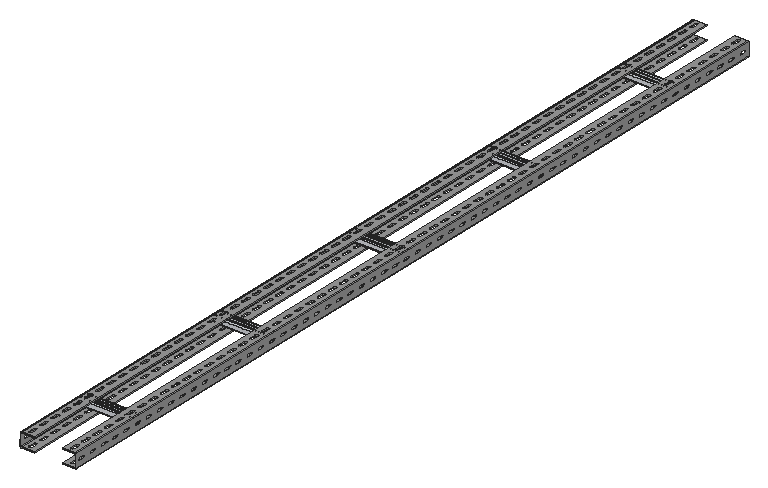
Revit family "steigeleiter_2_FT_FTSO_FTK_A2_A4.200rfa", category Generic Models, Revit 2017 (continued)
Forms (mm)
  Extrusion 306, void
    sketch origin (0, 200, 0) x (1, 0, 0) y (0, 1, 0)
      loop
        arc (69.5, 15.5) -> (75, 10) -> (80.5, 15.5) r 5.5
        line (80.5, 15.5) -> (80.5, 34.5)
        arc (80.5, 34.5) -> (75, 40) -> (69.5, 34.5) r 5.5
        line (69.5, 34.5) -> (69.5, 15.5)
    from 0 to 250
  Extrusion 307, void
    sketch origin (0, 250, 0) x (1, 0, 0) y (0, 1, 0)
      loop
        arc (69.5, 15.5) -> (75, 10) -> (80.5, 15.5) r 5.5
        line (80.5, 15.5) -> (80.5, 34.5)
        arc (80.5, 34.5) -> (75, 40) -> (69.5, 34.5) r 5.5
        line (69.5, 34.5) -> (69.5, 15.5)
    from 0 to 250
  Extrusion 308, void
    sketch origin (0, 300, 0) x (1, 0, 0) y (0, 1, 0)
      loop
        arc (69.5, 15.5) -> (75, 10) -> (80.5, 15.5) r 5.5
        line (80.5, 15.5) -> (80.5, 34.5)
        arc (80.5, 34.5) -> (75, 40) -> (69.5, 34.5) r 5.5
        line (69.5, 34.5) -> (69.5, 15.5)
    from 0 to 250
  Extrusion 309, void
    sketch origin (0, 350, 0) x (1, 0, 0) y (0, 1, 0)
      loop
        arc (69.5, 15.5) -> (75, 10) -> (80.5, 15.5) r 5.5
        line (80.5, 15.5) -> (80.5, 34.5)
        arc (80.5, 34.5) -> (75, 40) -> (69.5, 34.5) r 5.5
        line (69.5, 34.5) -> (69.5, 15.5)
    from 0 to 250
  Extrusion 310, void
    sketch origin (0, 400, 0) x (1, 0, 0) y (0, 1, 0)
      loop
        arc (69.5, 15.5) -> (75, 10) -> (80.5, 15.5) r 5.5
        line (80.5, 15.5) -> (80.5, 34.5)
        arc (80.5, 34.5) -> (75, 40) -> (69.5, 34.5) r 5.5
        line (69.5, 34.5) -> (69.5, 15.5)
    from 0 to 250
  Extrusion 311, void
    sketch origin (0, 450, 0) x (1, 0, 0) y (0, 1, 0)
      loop
        arc (69.5, 15.5) -> (75, 10) -> (80.5, 15.5) r 5.5
        line (80.5, 15.5) -> (80.5, 34.5)
        arc (80.5, 34.5) -> (75, 40) -> (69.5, 34.5) r 5.5
        line (69.5, 34.5) -> (69.5, 15.5)
    from 0 to 250
  Extrusion 312, void
    sketch origin (0, 500, 0) x (1, 0, 0) y (0, 1, 0)
      loop
        arc (69.5, 15.5) -> (75, 10) -> (80.5, 15.5) r 5.5
        line (80.5, 15.5) -> (80.5, 34.5)
        arc (80.5, 34.5) -> (75, 40) -> (69.5, 34.5) r 5.5
        line (69.5, 34.5) -> (69.5, 15.5)
    from 0 to 250
  Extrusion 313, void
    sketch origin (0, 550, 0) x (1, 0, 0) y (0, 1, 0)
      loop
        arc (69.5, 15.5) -> (75, 10) -> (80.5, 15.5) r 5.5
        line (80.5, 15.5) -> (80.5, 34.5)
        arc (80.5, 34.5) -> (75, 40) -> (69.5, 34.5) r 5.5
        line (69.5, 34.5) -> (69.5, 15.5)
    from 0 to 250
  Extrusion 314, void
    sketch origin (0, 600, 0) x (1, 0, 0) y (0, 1, 0)
      loop
        arc (69.5, 15.5) -> (75, 10) -> (80.5, 15.5) r 5.5
        line (80.5, 15.5) -> (80.5, 34.5)
        arc (80.5, 34.5) -> (75, 40) -> (69.5, 34.5) r 5.5
        line (69.5, 34.5) -> (69.5, 15.5)
    from 0 to 250
  Extrusion 315, void
    sketch origin (0, 650, 0) x (1, 0, 0) y (0, 1, 0)
      loop
        arc (69.5, 15.5) -> (75, 10) -> (80.5, 15.5) r 5.5
        line (80.5, 15.5) -> (80.5, 34.5)
        arc (80.5, 34.5) -> (75, 40) -> (69.5, 34.5) r 5.5
        line (69.5, 34.5) -> (69.5, 15.5)
    from 0 to 250
  Extrusion 316, void
    sketch origin (0, 700, 0) x (1, 0, 0) y (0, 1, 0)
      loop
        arc (69.5, 15.5) -> (75, 10) -> (80.5, 15.5) r 5.5
        line (80.5, 15.5) -> (80.5, 34.5)
        arc (80.5, 34.5) -> (75, 40) -> (69.5, 34.5) r 5.5
        line (69.5, 34.5) -> (69.5, 15.5)
    from 0 to 250
  Extrusion 317, void
    sketch origin (0, 750, 0) x (1, 0, 0) y (0, 1, 0)
      loop
        arc (69.5, 15.5) -> (75, 10) -> (80.5, 15.5) r 5.5
        line (80.5, 15.5) -> (80.5, 34.5)
        arc (80.5, 34.5) -> (75, 40) -> (69.5, 34.5) r 5.5
        line (69.5, 34.5) -> (69.5, 15.5)
    from 0 to 250
  Extrusion 318, void
    sketch origin (0, 800, 0) x (1, 0, 0) y (0, 1, 0)
      loop
        arc (69.5, 15.5) -> (75, 10) -> (80.5, 15.5) r 5.5
        line (80.5, 15.5) -> (80.5, 34.5)
        arc (80.5, 34.5) -> (75, 40) -> (69.5, 34.5) r 5.5
        line (69.5, 34.5) -> (69.5, 15.5)
    from 0 to 250
  Extrusion 319, void
    sketch origin (0, 850, 0) x (1, 0, 0) y (0, 1, 0)
      loop
        arc (69.5, 15.5) -> (75, 10) -> (80.5, 15.5) r 5.5
        line (80.5, 15.5) -> (80.5, 34.5)
        arc (80.5, 34.5) -> (75, 40) -> (69.5, 34.5) r 5.5
        line (69.5, 34.5) -> (69.5, 15.5)
    from 0 to 250
  Extrusion 320, void
    sketch origin (0, 900, 0) x (1, 0, 0) y (0, 1, 0)
      loop
        arc (69.5, 15.5) -> (75, 10) -> (80.5, 15.5) r 5.5
        line (80.5, 15.5) -> (80.5, 34.5)
        arc (80.5, 34.5) -> (75, 40) -> (69.5, 34.5) r 5.5
        line (69.5, 34.5) -> (69.5, 15.5)
    from 0 to 250
  Extrusion 321, void
    sketch origin (0, 950, 0) x (1, 0, 0) y (0, 1, 0)
      loop
        arc (69.5, 15.5) -> (75, 10) -> (80.5, 15.5) r 5.5
        line (80.5, 15.5) -> (80.5, 34.5)
        arc (80.5, 34.5) -> (75, 40) -> (69.5, 34.5) r 5.5
        line (69.5, 34.5) -> (69.5, 15.5)
    from 0 to 250
  Extrusion 322, void
    sketch origin (0, 1000, 0) x (1, 0, 0) y (0, 1, 0)
      loop
        arc (69.5, 15.5) -> (75, 10) -> (80.5, 15.5) r 5.5
        line (80.5, 15.5) -> (80.5, 34.5)
        arc (80.5, 34.5) -> (75, 40) -> (69.5, 34.5) r 5.5
        line (69.5, 34.5) -> (69.5, 15.5)
    from 0 to 250
  Extrusion 323, void
    sketch origin (0, 1050, 0) x (1, 0, 0) y (0, 1, 0)
      loop
        arc (69.5, 15.5) -> (75, 10) -> (80.5, 15.5) r 5.5
        line (80.5, 15.5) -> (80.5, 34.5)
        arc (80.5, 34.5) -> (75, 40) -> (69.5, 34.5) r 5.5
        line (69.5, 34.5) -> (69.5, 15.5)
    from 0 to 250
  Extrusion 324, void
    sketch origin (0, 1100, 0) x (1, 0, 0) y (0, 1, 0)
      loop
        arc (69.5, 15.5) -> (75, 10) -> (80.5, 15.5) r 5.5
        line (80.5, 15.5) -> (80.5, 34.5)
        arc (80.5, 34.5) -> (75, 40) -> (69.5, 34.5) r 5.5
        line (69.5, 34.5) -> (69.5, 15.5)
    from 0 to 250
  Extrusion 325, void
    sketch origin (0, 1150, 0) x (1, 0, 0) y (0, 1, 0)
      loop
        arc (69.5, 15.5) -> (75, 10) -> (80.5, 15.5) r 5.5
        line (80.5, 15.5) -> (80.5, 34.5)
        arc (80.5, 34.5) -> (75, 40) -> (69.5, 34.5) r 5.5
        line (69.5, 34.5) -> (69.5, 15.5)
    from 0 to 250
  Extrusion 326, void
    sketch origin (0, 1200, 0) x (1, 0, 0) y (0, 1, 0)
      loop
        arc (69.5, 15.5) -> (75, 10) -> (80.5, 15.5) r 5.5
        line (80.5, 15.5) -> (80.5, 34.5)
        arc (80.5, 34.5) -> (75, 40) -> (69.5, 34.5) r 5.5
        line (69.5, 34.5) -> (69.5, 15.5)
    from 0 to 250
  Extrusion 327, void
    sketch origin (0, 1250, 0) x (1, 0, 0) y (0, 1, 0)
      loop
        arc (69.5, 15.5) -> (75, 10) -> (80.5, 15.5) r 5.5
        line (80.5, 15.5) -> (80.5, 34.5)
        arc (80.5, 34.5) -> (75, 40) -> (69.5, 34.5) r 5.5
        line (69.5, 34.5) -> (69.5, 15.5)
    from 0 to 250
  Extrusion 328, void
    sketch origin (0, 1300, 0) x (1, 0, 0) y (0, 1, 0)
      loop
        arc (69.5, 15.5) -> (75, 10) -> (80.5, 15.5) r 5.5
        line (80.5, 15.5) -> (80.5, 34.5)
        arc (80.5, 34.5) -> (75, 40) -> (69.5, 34.5) r 5.5
        line (69.5, 34.5) -> (69.5, 15.5)
    from 0 to 250
  Extrusion 329, void
    sketch origin (0, 1350, 0) x (1, 0, 0) y (0, 1, 0)
      loop
        arc (69.5, 15.5) -> (75, 10) -> (80.5, 15.5) r 5.5
        line (80.5, 15.5) -> (80.5, 34.5)
        arc (80.5, 34.5) -> (75, 40) -> (69.5, 34.5) r 5.5
        line (69.5, 34.5) -> (69.5, 15.5)
    from 0 to 250
  Extrusion 330, void
    sketch origin (0, 1400, 0) x (1, 0, 0) y (0, 1, 0)
      loop
        arc (69.5, 15.5) -> (75, 10) -> (80.5, 15.5) r 5.5
        line (80.5, 15.5) -> (80.5, 34.5)
        arc (80.5, 34.5) -> (75, 40) -> (69.5, 34.5) r 5.5
        line (69.5, 34.5) -> (69.5, 15.5)
    from 0 to 250
  Extrusion 331, void
    sketch origin (0, 1450, 0) x (1, 0, 0) y (0, 1, 0)
      loop
        arc (69.5, 15.5) -> (75, 10) -> (80.5, 15.5) r 5.5
        line (80.5, 15.5) -> (80.5, 34.5)
        arc (80.5, 34.5) -> (75, 40) -> (69.5, 34.5) r 5.5
        line (69.5, 34.5) -> (69.5, 15.5)
    from 0 to 250
  Extrusion 332, void
    sketch origin (0, 1500, 0) x (1, 0, 0) y (0, 1, 0)
      loop
        arc (69.5, 15.5) -> (75, 10) -> (80.5, 15.5) r 5.5
        line (80.5, 15.5) -> (80.5, 34.5)
        arc (80.5, 34.5) -> (75, 40) -> (69.5, 34.5) r 5.5
        line (69.5, 34.5) -> (69.5, 15.5)
    from 0 to 250
  Extrusion 333, void
    sketch origin (0, 1550, 0) x (1, 0, 0) y (0, 1, 0)
      loop
        arc (69.5, 15.5) -> (75, 10) -> (80.5, 15.5) r 5.5
        line (80.5, 15.5) -> (80.5, 34.5)
        arc (80.5, 34.5) -> (75, 40) -> (69.5, 34.5) r 5.5
        line (69.5, 34.5) -> (69.5, 15.5)
    from 0 to 250
  Extrusion 334, void
    sketch origin (0, 1600, 0) x (1, 0, 0) y (0, 1, 0)
      loop
        arc (69.5, 15.5) -> (75, 10) -> (80.5, 15.5) r 5.5
        line (80.5, 15.5) -> (80.5, 34.5)
        arc (80.5, 34.5) -> (75, 40) -> (69.5, 34.5) r 5.5
        line (69.5, 34.5) -> (69.5, 15.5)
    from 0 to 250
  Extrusion 335, void
    sketch origin (0, 1650, 0) x (1, 0, 0) y (0, 1, 0)
      loop
        arc (69.5, 15.5) -> (75, 10) -> (80.5, 15.5) r 5.5
        line (80.5, 15.5) -> (80.5, 34.5)
        arc (80.5, 34.5) -> (75, 40) -> (69.5, 34.5) r 5.5
        line (69.5, 34.5) -> (69.5, 15.5)
    from 0 to 250
  Extrusion 336, void
    sketch origin (0, 1700, 0) x (1, 0, 0) y (0, 1, 0)
      loop
        arc (69.5, 15.5) -> (75, 10) -> (80.5, 15.5) r 5.5
        line (80.5, 15.5) -> (80.5, 34.5)
        arc (80.5, 34.5) -> (75, 40) -> (69.5, 34.5) r 5.5
        line (69.5, 34.5) -> (69.5, 15.5)
    from 0 to 250
  Extrusion 337, void
    sketch origin (0, 1750, 0) x (1, 0, 0) y (0, 1, 0)
      loop
        arc (69.5, 15.5) -> (75, 10) -> (80.5, 15.5) r 5.5
        line (80.5, 15.5) -> (80.5, 34.5)
        arc (80.5, 34.5) -> (75, 40) -> (69.5, 34.5) r 5.5
        line (69.5, 34.5) -> (69.5, 15.5)
    from 0 to 250
  Extrusion 338, void
    sketch origin (0, 1800, 0) x (1, 0, 0) y (0, 1, 0)
      loop
        arc (69.5, 15.5) -> (75, 10) -> (80.5, 15.5) r 5.5
        line (80.5, 15.5) -> (80.5, 34.5)
        arc (80.5, 34.5) -> (75, 40) -> (69.5, 34.5) r 5.5
        line (69.5, 34.5) -> (69.5, 15.5)
    from 0 to 250
  Extrusion 339, void
    sketch origin (0, 1850, 0) x (1, 0, 0) y (0, 1, 0)
      loop
        arc (69.5, 15.5) -> (75, 10) -> (80.5, 15.5) r 5.5
        line (80.5, 15.5) -> (80.5, 34.5)
        arc (80.5, 34.5) -> (75, 40) -> (69.5, 34.5) r 5.5
        line (69.5, 34.5) -> (69.5, 15.5)
    from 0 to 250
  Extrusion 340, void
    sketch origin (0, 1900, 0) x (1, 0, 0) y (0, 1, 0)
      loop
        arc (69.5, 15.5) -> (75, 10) -> (80.5, 15.5) r 5.5
        line (80.5, 15.5) -> (80.5, 34.5)
        arc (80.5, 34.5) -> (75, 40) -> (69.5, 34.5) r 5.5
        line (69.5, 34.5) -> (69.5, 15.5)
    from 0 to 250
  Extrusion 341, void
    sketch origin (0, 1950, 0) x (1, 0, 0) y (0, 1, 0)
      loop
        arc (69.5, 15.5) -> (75, 10) -> (80.5, 15.5) r 5.5
        line (80.5, 15.5) -> (80.5, 34.5)
        arc (80.5, 34.5) -> (75, 40) -> (69.5, 34.5) r 5.5
        line (69.5, 34.5) -> (69.5, 15.5)
    from 0 to 250
  Extrusion 342, void
    sketch origin (0, 2000, 0) x (1, 0, 0) y (0, 1, 0)
      loop
        arc (69.5, 15.5) -> (75, 10) -> (80.5, 15.5) r 5.5
        line (80.5, 15.5) -> (80.5, 34.5)
        arc (80.5, 34.5) -> (75, 40) -> (69.5, 34.5) r 5.5
        line (69.5, 34.5) -> (69.5, 15.5)
    from 0 to 250
  Extrusion 343, void
    sketch origin (0, 2050, 0) x (1, 0, 0) y (0, 1, 0)
      loop
        arc (69.5, 15.5) -> (75, 10) -> (80.5, 15.5) r 5.5
        line (80.5, 15.5) -> (80.5, 34.5)
        arc (80.5, 34.5) -> (75, 40) -> (69.5, 34.5) r 5.5
        line (69.5, 34.5) -> (69.5, 15.5)
    from 0 to 250
  Extrusion 344, void
    sketch origin (0, 2100, 0) x (1, 0, 0) y (0, 1, 0)
      loop
        arc (69.5, 15.5) -> (75, 10) -> (80.5, 15.5) r 5.5
        line (80.5, 15.5) -> (80.5, 34.5)
        arc (80.5, 34.5) -> (75, 40) -> (69.5, 34.5) r 5.5
        line (69.5, 34.5) -> (69.5, 15.5)
    from 0 to 250
  Extrusion 345, void
    sketch origin (0, 2150, 0) x (1, 0, 0) y (0, 1, 0)
      loop
        arc (69.5, 15.5) -> (75, 10) -> (80.5, 15.5) r 5.5
        line (80.5, 15.5) -> (80.5, 34.5)
        arc (80.5, 34.5) -> (75, 40) -> (69.5, 34.5) r 5.5
        line (69.5, 34.5) -> (69.5, 15.5)
    from 0 to 250
  Extrusion 346, void
    sketch origin (0, 2200, 0) x (1, 0, 0) y (0, 1, 0)
      loop
        arc (69.5, 15.5) -> (75, 10) -> (80.5, 15.5) r 5.5
        line (80.5, 15.5) -> (80.5, 34.5)
        arc (80.5, 34.5) -> (75, 40) -> (69.5, 34.5) r 5.5
        line (69.5, 34.5) -> (69.5, 15.5)
    from 0 to 250
  Extrusion 347, void
    sketch origin (0, 2250, 0) x (1, 0, 0) y (0, 1, 0)
      loop
        arc (69.5, 15.5) -> (75, 10) -> (80.5, 15.5) r 5.5
        line (80.5, 15.5) -> (80.5, 34.5)
        arc (80.5, 34.5) -> (75, 40) -> (69.5, 34.5) r 5.5
        line (69.5, 34.5) -> (69.5, 15.5)
    from 0 to 250
  Extrusion 348, void
    sketch origin (0, 2300, 0) x (1, 0, 0) y (0, 1, 0)
      loop
        arc (69.5, 15.5) -> (75, 10) -> (80.5, 15.5) r 5.5
        line (80.5, 15.5) -> (80.5, 34.5)
        arc (80.5, 34.5) -> (75, 40) -> (69.5, 34.5) r 5.5
        line (69.5, 34.5) -> (69.5, 15.5)
    from 0 to 250
  Extrusion 349, void
    sketch origin (0, 2350, 0) x (1, 0, 0) y (0, 1, 0)
      loop
        arc (69.5, 15.5) -> (75, 10) -> (80.5, 15.5) r 5.5
        line (80.5, 15.5) -> (80.5, 34.5)
        arc (80.5, 34.5) -> (75, 40) -> (69.5, 34.5) r 5.5
        line (69.5, 34.5) -> (69.5, 15.5)
    from 0 to 250
  Extrusion 350, void
    sketch origin (0, 2400, 0) x (1, 0, 0) y (0, 1, 0)
      loop
        arc (69.5, 15.5) -> (75, 10) -> (80.5, 15.5) r 5.5
        line (80.5, 15.5) -> (80.5, 34.5)
        arc (80.5, 34.5) -> (75, 40) -> (69.5, 34.5) r 5.5
        line (69.5, 34.5) -> (69.5, 15.5)
    from 0 to 250
  Extrusion 351, void
    sketch origin (0, 2450, 0) x (1, 0, 0) y (0, 1, 0)
      loop
        arc (69.5, 15.5) -> (75, 10) -> (80.5, 15.5) r 5.5
        line (80.5, 15.5) -> (80.5, 34.5)
        arc (80.5, 34.5) -> (75, 40) -> (69.5, 34.5) r 5.5
        line (69.5, 34.5) -> (69.5, 15.5)
    from 0 to 250
  Extrusion 352, void
    sketch origin (0, 2500, 0) x (1, 0, 0) y (0, 1, 0)
      loop
        arc (69.5, 15.5) -> (75, 10) -> (80.5, 15.5) r 5.5
        line (80.5, 15.5) -> (80.5, 34.5)
        arc (80.5, 34.5) -> (75, 40) -> (69.5, 34.5) r 5.5
        line (69.5, 34.5) -> (69.5, 15.5)
    from 0 to 250
  Extrusion 353, void
    sketch origin (0, 2550, 0) x (1, 0, 0) y (0, 1, 0)
      loop
        arc (69.5, 15.5) -> (75, 10) -> (80.5, 15.5) r 5.5
        line (80.5, 15.5) -> (80.5, 34.5)
        arc (80.5, 34.5) -> (75, 40) -> (69.5, 34.5) r 5.5
        line (69.5, 34.5) -> (69.5, 15.5)
    from 0 to 250
  Extrusion 354, void
    sketch origin (0, 2600, 0) x (1, 0, 0) y (0, 1, 0)
      loop
        arc (69.5, 15.5) -> (75, 10) -> (80.5, 15.5) r 5.5
        line (80.5, 15.5) -> (80.5, 34.5)
        arc (80.5, 34.5) -> (75, 40) -> (69.5, 34.5) r 5.5
        line (69.5, 34.5) -> (69.5, 15.5)
    from 0 to 250
  Extrusion 355, void
    sketch origin (0, 2650, 0) x (1, 0, 0) y (0, 1, 0)
      loop
        arc (69.5, 15.5) -> (75, 10) -> (80.5, 15.5) r 5.5
        line (80.5, 15.5) -> (80.5, 34.5)
        arc (80.5, 34.5) -> (75, 40) -> (69.5, 34.5) r 5.5
        line (69.5, 34.5) -> (69.5, 15.5)
    from 0 to 250
  Extrusion 356, void
    sketch origin (0, 2700, 0) x (1, 0, 0) y (0, 1, 0)
      loop
        arc (69.5, 15.5) -> (75, 10) -> (80.5, 15.5) r 5.5
        line (80.5, 15.5) -> (80.5, 34.5)
        arc (80.5, 34.5) -> (75, 40) -> (69.5, 34.5) r 5.5
        line (69.5, 34.5) -> (69.5, 15.5)
    from 0 to 250
  Extrusion 357, void
    sketch origin (0, 2750, 0) x (1, 0, 0) y (0, 1, 0)
      loop
        arc (69.5, 15.5) -> (75, 10) -> (80.5, 15.5) r 5.5
        line (80.5, 15.5) -> (80.5, 34.5)
        arc (80.5, 34.5) -> (75, 40) -> (69.5, 34.5) r 5.5
        line (69.5, 34.5) -> (69.5, 15.5)
    from 0 to 250
  Extrusion 358, void
    sketch origin (0, 2800, 0) x (1, 0, 0) y (0, 1, 0)
      loop
        arc (69.5, 15.5) -> (75, 10) -> (80.5, 15.5) r 5.5
        line (80.5, 15.5) -> (80.5, 34.5)
        arc (80.5, 34.5) -> (75, 40) -> (69.5, 34.5) r 5.5
        line (69.5, 34.5) -> (69.5, 15.5)
    from 0 to 250
  Extrusion 359, void
    sketch origin (0, 2850, 0) x (1, 0, 0) y (0, 1, 0)
      loop
        arc (69.5, 15.5) -> (75, 10) -> (80.5, 15.5) r 5.5
        line (80.5, 15.5) -> (80.5, 34.5)
        arc (80.5, 34.5) -> (75, 40) -> (69.5, 34.5) r 5.5
        line (69.5, 34.5) -> (69.5, 15.5)
    from 0 to 250
  Extrusion 360, void
    sketch origin (0, 2900, 0) x (1, 0, 0) y (0, 1, 0)
      loop
        arc (69.5, 15.5) -> (75, 10) -> (80.5, 15.5) r 5.5
        line (80.5, 15.5) -> (80.5, 34.5)
        arc (80.5, 34.5) -> (75, 40) -> (69.5, 34.5) r 5.5
        line (69.5, 34.5) -> (69.5, 15.5)
    from 0 to 250
  Extrusion 361, void
    sketch origin (0, 2950, 0) x (1, 0, 0) y (0, 1, 0)
      loop
        arc (69.5, 15.5) -> (75, 10) -> (80.5, 15.5) r 5.5
        line (80.5, 15.5) -> (80.5, 34.5)
        arc (80.5, 34.5) -> (75, 40) -> (69.5, 34.5) r 5.5
        line (69.5, 34.5) -> (69.5, 15.5)
    from 0 to 250
  Extrusion 362, solid
    sketch origin (0, 0, 0) x (0, 1, 0) y (0, 0, 1)
      loop
        arc (257.5, 27) -> (256.086, 27.586) -> (255.5, 29) r 2
        line (255.5, 29) -> (255.5, 43.5)
        arc (255.5, 43.5) -> (256.086, 44.914) -> (257.5, 45.5) r 2
        line (257.5, 45.5) -> (261.5, 45.5)
        arc (261.5, 45.5) -> (262.207, 45.207) -> (262.5, 44.5) r 1
        line (262.5, 44.5) -> (262.5, 42) -> (264.5, 42) -> (264.5, 44.5)
        arc (264.5, 44.5) -> (263.621, 46.621) -> (261.5, 47.5) r 3
        line (261.5, 47.5) -> (257.5, 47.5)
        arc (257.5, 47.5) -> (254.672, 46.328) -> (253.5, 43.5) r 4
        line (253.5, 43.5) -> (253.5, 29)
        arc (253.5, 29) -> (254.672, 26.172) -> (257.5, 25) r 4
        line (257.5, 25) -> (289.5, 25)
        arc (289.5, 25) -> (292.328, 26.172) -> (293.5, 29) r 4
        line (293.5, 29) -> (293.5, 43.5)
        arc (293.5, 43.5) -> (292.328, 46.328) -> (289.5, 47.5) r 4
        line (289.5, 47.5) -> (285.5, 47.5)
        arc (285.5, 47.5) -> (283.379, 46.621) -> (282.5, 44.5) r 3
        line (282.5, 44.5) -> (282.5, 42) -> (284.5, 42) -> (284.5, 44.5)
        arc (284.5, 44.5) -> (284.793, 45.207) -> (285.5, 45.5) r 1
        line (285.5, 45.5) -> (289.5, 45.5)
        arc (289.5, 45.5) -> (290.914, 44.914) -> (291.5, 43.5) r 2
        line (291.5, 43.5) -> (291.5, 29)
        arc (291.5, 29) -> (290.914, 27.586) -> (289.5, 27) r 2
        line (289.5, 27) -> (257.5, 27)
    from -97.5 to 97.5
  Extrusion 363, solid
    sketch origin (0, 600, 0) x (0, 1, 0) y (0, 0, 1)
      loop
        arc (257.5, 27) -> (256.086, 27.586) -> (255.5, 29) r 2
        line (255.5, 29) -> (255.5, 43.5)
        arc (255.5, 43.5) -> (256.086, 44.914) -> (257.5, 45.5) r 2
        line (257.5, 45.5) -> (261.5, 45.5)
        arc (261.5, 45.5) -> (262.207, 45.207) -> (262.5, 44.5) r 1
        line (262.5, 44.5) -> (262.5, 42) -> (264.5, 42) -> (264.5, 44.5)
        arc (264.5, 44.5) -> (263.621, 46.621) -> (261.5, 47.5) r 3
        line (261.5, 47.5) -> (257.5, 47.5)
        arc (257.5, 47.5) -> (254.672, 46.328) -> (253.5, 43.5) r 4
        line (253.5, 43.5) -> (253.5, 29)
        arc (253.5, 29) -> (254.672, 26.172) -> (257.5, 25) r 4
        line (257.5, 25) -> (289.5, 25)
        arc (289.5, 25) -> (292.328, 26.172) -> (293.5, 29) r 4
        line (293.5, 29) -> (293.5, 43.5)
        arc (293.5, 43.5) -> (292.328, 46.328) -> (289.5, 47.5) r 4
        line (289.5, 47.5) -> (285.5, 47.5)
        arc (285.5, 47.5) -> (283.379, 46.621) -> (282.5, 44.5) r 3
        line (282.5, 44.5) -> (282.5, 42) -> (284.5, 42) -> (284.5, 44.5)
        arc (284.5, 44.5) -> (284.793, 45.207) -> (285.5, 45.5) r 1
        line (285.5, 45.5) -> (289.5, 45.5)
        arc (289.5, 45.5) -> (290.914, 44.914) -> (291.5, 43.5) r 2
        line (291.5, 43.5) -> (291.5, 29)
        arc (291.5, 29) -> (290.914, 27.586) -> (289.5, 27) r 2
        line (289.5, 27) -> (257.5, 27)
    from -97.5 to 97.5
  Extrusion 364, solid
    sketch origin (0, 1200, 0) x (0, 1, 0) y (0, 0, 1)
      loop
        arc (257.5, 27) -> (256.086, 27.586) -> (255.5, 29) r 2
        line (255.5, 29) -> (255.5, 43.5)
        arc (255.5, 43.5) -> (256.086, 44.914) -> (257.5, 45.5) r 2
        line (257.5, 45.5) -> (261.5, 45.5)
        arc (261.5, 45.5) -> (262.207, 45.207) -> (262.5, 44.5) r 1
        line (262.5, 44.5) -> (262.5, 42) -> (264.5, 42) -> (264.5, 44.5)
        arc (264.5, 44.5) -> (263.621, 46.621) -> (261.5, 47.5) r 3
        line (261.5, 47.5) -> (257.5, 47.5)
        arc (257.5, 47.5) -> (254.672, 46.328) -> (253.5, 43.5) r 4
        line (253.5, 43.5) -> (253.5, 29)
        arc (253.5, 29) -> (254.672, 26.172) -> (257.5, 25) r 4
        line (257.5, 25) -> (289.5, 25)
        arc (289.5, 25) -> (292.328, 26.172) -> (293.5, 29) r 4
        line (293.5, 29) -> (293.5, 43.5)
        arc (293.5, 43.5) -> (292.328, 46.328) -> (289.5, 47.5) r 4
        line (289.5, 47.5) -> (285.5, 47.5)
        arc (285.5, 47.5) -> (283.379, 46.621) -> (282.5, 44.5) r 3
        line (282.5, 44.5) -> (282.5, 42) -> (284.5, 42) -> (284.5, 44.5)
        arc (284.5, 44.5) -> (284.793, 45.207) -> (285.5, 45.5) r 1
        line (285.5, 45.5) -> (289.5, 45.5)
        arc (289.5, 45.5) -> (290.914, 44.914) -> (291.5, 43.5) r 2
        line (291.5, 43.5) -> (291.5, 29)
        arc (291.5, 29) -> (290.914, 27.586) -> (289.5, 27) r 2
        line (289.5, 27) -> (257.5, 27)
    from -97.5 to 97.5
  Extrusion 365, solid
    sketch origin (0, 1800, 0) x (0, 1, 0) y (0, 0, 1)
      loop
        arc (257.5, 27) -> (256.086, 27.586) -> (255.5, 29) r 2
        line (255.5, 29) -> (255.5, 43.5)
        arc (255.5, 43.5) -> (256.086, 44.914) -> (257.5, 45.5) r 2
        line (257.5, 45.5) -> (261.5, 45.5)
        arc (261.5, 45.5) -> (262.207, 45.207) -> (262.5, 44.5) r 1
        line (262.5, 44.5) -> (262.5, 42) -> (264.5, 42) -> (264.5, 44.5)
        arc (264.5, 44.5) -> (263.621, 46.621) -> (261.5, 47.5) r 3
        line (261.5, 47.5) -> (257.5, 47.5)
        arc (257.5, 47.5) -> (254.672, 46.328) -> (253.5, 43.5) r 4
        line (253.5, 43.5) -> (253.5, 29)
        arc (253.5, 29) -> (254.672, 26.172) -> (257.5, 25) r 4
        line (257.5, 25) -> (289.5, 25)
        arc (289.5, 25) -> (292.328, 26.172) -> (293.5, 29) r 4
        line (293.5, 29) -> (293.5, 43.5)
        arc (293.5, 43.5) -> (292.328, 46.328) -> (289.5, 47.5) r 4
        line (289.5, 47.5) -> (285.5, 47.5)
        arc (285.5, 47.5) -> (283.379, 46.621) -> (282.5, 44.5) r 3
        line (282.5, 44.5) -> (282.5, 42) -> (284.5, 42) -> (284.5, 44.5)
        arc (284.5, 44.5) -> (284.793, 45.207) -> (285.5, 45.5) r 1
        line (285.5, 45.5) -> (289.5, 45.5)
        arc (289.5, 45.5) -> (290.914, 44.914) -> (291.5, 43.5) r 2
        line (291.5, 43.5) -> (291.5, 29)
        arc (291.5, 29) -> (290.914, 27.586) -> (289.5, 27) r 2
        line (289.5, 27) -> (257.5, 27)
    from -97.5 to 97.5
  Extrusion 366, solid
    sketch origin (0, 2400, 0) x (0, 1, 0) y (0, 0, 1)
      loop
        arc (257.5, 27) -> (256.086, 27.586) -> (255.5, 29) r 2
        line (255.5, 29) -> (255.5, 43.5)
        arc (255.5, 43.5) -> (256.086, 44.914) -> (257.5, 45.5) r 2
        line (257.5, 45.5) -> (261.5, 45.5)
        arc (261.5, 45.5) -> (262.207, 45.207) -> (262.5, 44.5) r 1
        line (262.5, 44.5) -> (262.5, 42) -> (264.5, 42) -> (264.5, 44.5)
        arc (264.5, 44.5) -> (263.621, 46.621) -> (261.5, 47.5) r 3
        line (261.5, 47.5) -> (257.5, 47.5)
        arc (257.5, 47.5) -> (254.672, 46.328) -> (253.5, 43.5) r 4
        line (253.5, 43.5) -> (253.5, 29)
        arc (253.5, 29) -> (254.672, 26.172) -> (257.5, 25) r 4
        line (257.5, 25) -> (289.5, 25)
        arc (289.5, 25) -> (292.328, 26.172) -> (293.5, 29) r 4
        line (293.5, 29) -> (293.5, 43.5)
        arc (293.5, 43.5) -> (292.328, 46.328) -> (289.5, 47.5) r 4
        line (289.5, 47.5) -> (285.5, 47.5)
        arc (285.5, 47.5) -> (283.379, 46.621) -> (282.5, 44.5) r 3
        line (282.5, 44.5) -> (282.5, 42) -> (284.5, 42) -> (284.5, 44.5)
        arc (284.5, 44.5) -> (284.793, 45.207) -> (285.5, 45.5) r 1
        line (285.5, 45.5) -> (289.5, 45.5)
        arc (289.5, 45.5) -> (290.914, 44.914) -> (291.5, 43.5) r 2
        line (291.5, 43.5) -> (291.5, 29)
        arc (291.5, 29) -> (290.914, 27.586) -> (289.5, 27) r 2
        line (289.5, 27) -> (257.5, 27)
    from -97.5 to 97.5
Cuts and joins
  Extrusion 2, Extrusion 3, Extrusion 4, Extrusion 5, Extrusion 6, Extrusion 7, Extrusion 8, Extrusion 9, Extrusion 10, Extrusion 11, Extrusion 12, Extrusion 13, Extrusion 14, Extrusion 15, Extrusion 16, Extrusion 17, Extrusion 18, Extrusion 19, Extrusion 20, Extrusion 21, Extrusion 22, Extrusion 23, Extrusion 24, Extrusion 25, Extrusion 26, Extrusion 27, Extrusion 28, Extrusion 29, Extrusion 30, Extrusion 31, Extrusion 32, Extrusion 33, Extrusion 34, Extrusion 35, Extrusion 36, Extrusion 37, Extrusion 38, Extrusion 39, Extrusion 40, Extrusion 41, Extrusion 42, Extrusion 43, Extrusion 44, Extrusion 45, Extrusion 46, Extrusion 47, Extrusion 48, Extrusion 49, Extrusion 50, Extrusion 51, Extrusion 52, Extrusion 53, Extrusion 54, Extrusion 55, Extrusion 56, Extrusion 57, Extrusion 58, Extrusion 59, Extrusion 60, Extrusion 61, Extrusion 62, Extrusion 63, Extrusion 64, Extrusion 65, Extrusion 66, Extrusion 67, Extrusion 68, Extrusion 69, Extrusion 70, Extrusion 71, Extrusion 72, Extrusion 73, Extrusion 74, Extrusion 75, Extrusion 76, Extrusion 77, Extrusion 78, Extrusion 79, Extrusion 80, Extrusion 81, Extrusion 82, Extrusion 83, Extrusion 84, Extrusion 85, Extrusion 86, Extrusion 87, Extrusion 88, Extrusion 89, Extrusion 90, Extrusion 91, Extrusion 92, Extrusion 93, Extrusion 94, Extrusion 95, Extrusion 96, Extrusion 97, Extrusion 98, Extrusion 99, Extrusion 100, Extrusion 101, Extrusion 102, Extrusion 103, Extrusion 104, Extrusion 105, Extrusion 106, Extrusion 107, Extrusion 108, Extrusion 109, Extrusion 110, Extrusion 111, Extrusion 112, Extrusion 113, Extrusion 114, Extrusion 115, Extrusion 116, Extrusion 117, Extrusion 118, Extrusion 119, Extrusion 120, Extrusion 121, Extrusion 122, Extrusion 123, Extrusion 124, Extrusion 125, Extrusion 126, Extrusion 127, Extrusion 128, Extrusion 129, Extrusion 130, Extrusion 131, Extrusion 132, Extrusion 133, Extrusion 134, Extrusion 135, Extrusion 136, Extrusion 137, Extrusion 138, Extrusion 139, Extrusion 140, Extrusion 141, Extrusion 142, Extrusion 143, Extrusion 144, Extrusion 145, Extrusion 146, Extrusion 147, Extrusion 148, Extrusion 149, Extrusion 150, Extrusion 151, Extrusion 152, Extrusion 153, Extrusion 154, Extrusion 155, Extrusion 156, Extrusion 157, Extrusion 158, Extrusion 159, Extrusion 160, Extrusion 161, Extrusion 162, Extrusion 163, Extrusion 164, Extrusion 165, Extrusion 166, Extrusion 167, Extrusion 168, Extrusion 169, Extrusion 170, Extrusion 171, Extrusion 172, Extrusion 173, Extrusion 174, Extrusion 175, Extrusion 176, Extrusion 177, Extrusion 178, Extrusion 179, Extrusion 180, Extrusion 181, Extrusion 182, Extrusion 183, Extrusion 184, Extrusion 185, Extrusion 186, Extrusion 187, Extrusion 188, Extrusion 189, Extrusion 190, Extrusion 191, Extrusion 192, Extrusion 193, Extrusion 194, Extrusion 195, Extrusion 196, Extrusion 197, Extrusion 198, Extrusion 199, Extrusion 200, Extrusion 201, Extrusion 202, Extrusion 203, Extrusion 204, Extrusion 205, Extrusion 206, Extrusion 207, Extrusion 208, Extrusion 209, Extrusion 210, Extrusion 211, Extrusion 212, Extrusion 213, Extrusion 214, Extrusion 215, Extrusion 216, Extrusion 217, Extrusion 218, Extrusion 219, Extrusion 220, Extrusion 221, Extrusion 222, Extrusion 223, Extrusion 224, Extrusion 225, Extrusion 226, Extrusion 227, Extrusion 228, Extrusion 229, Extrusion 230, Extrusion 231, Extrusion 232, Extrusion 233, Extrusion 234, Extrusion 235, Extrusion 236, Extrusion 237, Extrusion 238, Extrusion 239, Extrusion 240, Extrusion 241, Extrusion 242, Extrusion 243, Extrusion 244, Extrusion 245, Extrusion 246, Extrusion 247, Extrusion 248, Extrusion 249, Extrusion 250, Extrusion 251, Extrusion 252, Extrusion 253, Extrusion 254, Extrusion 255, Extrusion 256, Extrusion 257, Extrusion 258, Extrusion 259, Extrusion 260, Extrusion 261, Extrusion 262, Extrusion 263, Extrusion 264, Extrusion 265, Extrusion 266, Extrusion 267, Extrusion 268, Extrusion 269, Extrusion 270, Extrusion 271, Extrusion 272, Extrusion 273, Extrusion 274, Extrusion 275, Extrusion 276, Extrusion 277, Extrusion 278, Extrusion 279, Extrusion 280, Extrusion 281, Extrusion 282, Extrusion 283, Extrusion 284, Extrusion 285, Extrusion 286, Extrusion 287, Extrusion 288, Extrusion 289, Extrusion 290, Extrusion 291, Extrusion 292, Extrusion 293, Extrusion 294, Extrusion 295, Extrusion 296, Extrusion 297, Extrusion 298, Extrusion 299, Extrusion 300, Extrusion 301, Extrusion 302, Extrusion 303, Extrusion 304, Extrusion 305, Extrusion 306, Extrusion 307, Extrusion 308, Extrusion 309, Extrusion 310, Extrusion 311, Extrusion 312, Extrusion 313, Extrusion 314, Extrusion 315, Extrusion 316, Extrusion 317, Extrusion 318, Extrusion 319, Extrusion 320, Extrusion 321, Extrusion 322, Extrusion 323, Extrusion 324, Extrusion 325, Extrusion 326, Extrusion 327, Extrusion 328, Extrusion 329, Extrusion 330, Extrusion 331, Extrusion 332, Extrusion 333, Extrusion 334, Extrusion 335, Extrusion 336, Extrusion 337, Extrusion 338, Extrusion 339, Extrusion 340, Extrusion 341, Extrusion 342, Extrusion 343, Extrusion 344, Extrusion 345, Extrusion 346, Extrusion 347, Extrusion 348, Extrusion 349, Extrusion 350, Extrusion 351, Extrusion 352, Extrusion 353, Extrusion 354, Extrusion 355, Extrusion 356, Extrusion 357, Extrusion 358, Extrusion 359, Extrusion 360, Extrusion 361 cuts Extrusion 1
Dimensions and locks
  locked: Extrusion 1 sketch curve to Extrusion 1 sketch curve at 2.5  (x5)
  Extrusion 1 sketch curve to Extrusion 1 sketch curve = 2.5 mm  (x2)
  locked: level to Extrusion 1 at 2.5
  "Length": plane 5 to plane 1 "Center (Front/Back)"
  Extrusion 1 sketch curve to Extrusion 1 sketch curve = 1.178 mm  (x2)
  locked: Extrusion 1 sketch curve to Extrusion 1 sketch curve at 50  (x4)
  Extrusion 1 sketch curve to Extrusion 1 sketch curve = 49.449 mm
  Extrusion 1 sketch curve to Extrusion 1 sketch curve = 48.678 mm  (x2)
  Extrusion 1 to Extrusion 1 = 198.678 mm
  "Width 1": Extrusion 1 to plane 3 "Center (Left/Right)"
  Extrusion 2 sketch curve to Extrusion 2 sketch curve = 11 mm
  Extrusion 3 sketch curve to Extrusion 3 sketch curve = 11 mm
  equal spacing: group 1, group 2, group 3, group 4, group 5, group 6, group 7, group 8, group 9, group 10, group 11, group 12, group 13, group 14, group 15, group 16, group 17, group 18, group 19, group 20, group 21, group 22, group 23, group 24, group 25, group 26, group 27, group 28, group 29, group 30, group 31, group 32, group 33, group 34, group 35, group 36, group 37, group 38, group 39, group 40, group 41, group 42, group 43, group 44, group 45, group 46, group 47, group 48, group 49, group 50, group 51, group 52, group 53, group 54, group 55, group 56, group 57, group 58, group 59, group 60  (x3)
  Extrusion 4 sketch curve to Extrusion 4 sketch curve = 11 mm
  Extrusion 5 sketch curve to Extrusion 5 sketch curve = 11 mm
  Extrusion 6 sketch curve to Extrusion 6 sketch curve = 11 mm
  Extrusion 7 sketch curve to Extrusion 7 sketch curve = 11 mm
  Extrusion 8 sketch curve to Extrusion 8 sketch curve = 11 mm
  Extrusion 9 sketch curve to Extrusion 9 sketch curve = 11 mm
  Extrusion 10 sketch curve to Extrusion 10 sketch curve = 11 mm
  Extrusion 11 sketch curve to Extrusion 11 sketch curve = 11 mm
  Extrusion 12 sketch curve to Extrusion 12 sketch curve = 11 mm
  Extrusion 13 sketch curve to Extrusion 13 sketch curve = 11 mm
  Extrusion 14 sketch curve to Extrusion 14 sketch curve = 11 mm
  Extrusion 15 sketch curve to Extrusion 15 sketch curve = 11 mm
  Extrusion 16 sketch curve to Extrusion 16 sketch curve = 11 mm
  Extrusion 17 sketch curve to Extrusion 17 sketch curve = 11 mm
  Extrusion 18 sketch curve to Extrusion 18 sketch curve = 11 mm
  Extrusion 19 sketch curve to Extrusion 19 sketch curve = 11 mm
  Extrusion 20 sketch curve to Extrusion 20 sketch curve = 11 mm
  Extrusion 21 sketch curve to Extrusion 21 sketch curve = 11 mm
  Extrusion 22 sketch curve to Extrusion 22 sketch curve = 11 mm
  Extrusion 23 sketch curve to Extrusion 23 sketch curve = 11 mm
  Extrusion 24 sketch curve to Extrusion 24 sketch curve = 11 mm
  Extrusion 25 sketch curve to Extrusion 25 sketch curve = 11 mm
  Extrusion 26 sketch curve to Extrusion 26 sketch curve = 11 mm
  Extrusion 27 sketch curve to Extrusion 27 sketch curve = 11 mm
  Extrusion 28 sketch curve to Extrusion 28 sketch curve = 11 mm
  Extrusion 29 sketch curve to Extrusion 29 sketch curve = 11 mm
  Extrusion 30 sketch curve to Extrusion 30 sketch curve = 11 mm
  Extrusion 31 sketch curve to Extrusion 31 sketch curve = 11 mm
  Extrusion 32 sketch curve to Extrusion 32 sketch curve = 11 mm
  Extrusion 33 sketch curve to Extrusion 33 sketch curve = 11 mm
  Extrusion 34 sketch curve to Extrusion 34 sketch curve = 11 mm
  Extrusion 35 sketch curve to Extrusion 35 sketch curve = 11 mm
  Extrusion 36 sketch curve to Extrusion 36 sketch curve = 11 mm
  Extrusion 37 sketch curve to Extrusion 37 sketch curve = 11 mm
  Extrusion 38 sketch curve to Extrusion 38 sketch curve = 11 mm
  Extrusion 39 sketch curve to Extrusion 39 sketch curve = 11 mm
  Extrusion 40 sketch curve to Extrusion 40 sketch curve = 11 mm
  Extrusion 41 sketch curve to Extrusion 41 sketch curve = 11 mm
  Extrusion 42 sketch curve to Extrusion 42 sketch curve = 11 mm
  Extrusion 43 sketch curve to Extrusion 43 sketch curve = 11 mm
  Extrusion 44 sketch curve to Extrusion 44 sketch curve = 11 mm
  Extrusion 45 sketch curve to Extrusion 45 sketch curve = 11 mm
  Extrusion 46 sketch curve to Extrusion 46 sketch curve = 11 mm
  Extrusion 47 sketch curve to Extrusion 47 sketch curve = 11 mm
  Extrusion 48 sketch curve to Extrusion 48 sketch curve = 11 mm
  Extrusion 49 sketch curve to Extrusion 49 sketch curve = 11 mm
  Extrusion 50 sketch curve to Extrusion 50 sketch curve = 11 mm
  Extrusion 51 sketch curve to Extrusion 51 sketch curve = 11 mm
  Extrusion 52 sketch curve to Extrusion 52 sketch curve = 11 mm
  Extrusion 53 sketch curve to Extrusion 53 sketch curve = 11 mm
  Extrusion 54 sketch curve to Extrusion 54 sketch curve = 11 mm
  Extrusion 55 sketch curve to Extrusion 55 sketch curve = 11 mm
  Extrusion 56 sketch curve to Extrusion 56 sketch curve = 11 mm
  Extrusion 57 sketch curve to Extrusion 57 sketch curve = 11 mm
  Extrusion 58 sketch curve to Extrusion 58 sketch curve = 11 mm
  Extrusion 59 sketch curve to Extrusion 59 sketch curve = 11 mm
  Extrusion 60 sketch curve to Extrusion 60 sketch curve = 11 mm
  Extrusion 61 sketch curve to Extrusion 61 sketch curve = 11 mm
  locked: Extrusion 62 sketch curve to Extrusion 62 sketch curve at 11
  locked: Extrusion 63 sketch curve to Extrusion 63 sketch curve at 11
  equal spacing: group 61, group 62, group 63, group 64, group 65, group 66, group 67, group 68, group 69, group 70, group 71, group 72, group 73, group 74, group 75, group 76, group 77, group 78, group 79, group 80, group 81, group 82, group 83, group 84, group 85, group 86, group 87, group 88, group 89, group 90, group 91, group 92, group 93, group 94, group 95, group 96, group 97, group 98, group 99, group 100, group 101, group 102, group 103, group 104, group 105, group 106, group 107, group 108, group 109, group 110, group 111, group 112, group 113, group 114, group 115, group 116, group 117, group 118, group 119, group 120  (x3)
  locked: Extrusion 64 sketch curve to Extrusion 64 sketch curve at 11
  locked: Extrusion 65 sketch curve to Extrusion 65 sketch curve at 11
  locked: Extrusion 66 sketch curve to Extrusion 66 sketch curve at 11
  locked: Extrusion 67 sketch curve to Extrusion 67 sketch curve at 11
  locked: Extrusion 68 sketch curve to Extrusion 68 sketch curve at 11
  locked: Extrusion 69 sketch curve to Extrusion 69 sketch curve at 11
  locked: Extrusion 70 sketch curve to Extrusion 70 sketch curve at 11
  locked: Extrusion 71 sketch curve to Extrusion 71 sketch curve at 11
  locked: Extrusion 72 sketch curve to Extrusion 72 sketch curve at 11
  locked: Extrusion 73 sketch curve to Extrusion 73 sketch curve at 11
  locked: Extrusion 74 sketch curve to Extrusion 74 sketch curve at 11
  locked: Extrusion 75 sketch curve to Extrusion 75 sketch curve at 11
  locked: Extrusion 76 sketch curve to Extrusion 76 sketch curve at 11
  locked: Extrusion 77 sketch curve to Extrusion 77 sketch curve at 11
  locked: Extrusion 78 sketch curve to Extrusion 78 sketch curve at 11
  locked: Extrusion 79 sketch curve to Extrusion 79 sketch curve at 11
  locked: Extrusion 80 sketch curve to Extrusion 80 sketch curve at 11
  locked: Extrusion 81 sketch curve to Extrusion 81 sketch curve at 11
  locked: Extrusion 82 sketch curve to Extrusion 82 sketch curve at 11
  locked: Extrusion 83 sketch curve to Extrusion 83 sketch curve at 11
  locked: Extrusion 84 sketch curve to Extrusion 84 sketch curve at 11
  locked: Extrusion 85 sketch curve to Extrusion 85 sketch curve at 11
  locked: Extrusion 86 sketch curve to Extrusion 86 sketch curve at 11
  locked: Extrusion 87 sketch curve to Extrusion 87 sketch curve at 11
  locked: Extrusion 88 sketch curve to Extrusion 88 sketch curve at 11
  locked: Extrusion 89 sketch curve to Extrusion 89 sketch curve at 11
  locked: Extrusion 90 sketch curve to Extrusion 90 sketch curve at 11
  locked: Extrusion 91 sketch curve to Extrusion 91 sketch curve at 11
  locked: Extrusion 92 sketch curve to Extrusion 92 sketch curve at 11
  locked: Extrusion 93 sketch curve to Extrusion 93 sketch curve at 11
  locked: Extrusion 94 sketch curve to Extrusion 94 sketch curve at 11
  locked: Extrusion 95 sketch curve to Extrusion 95 sketch curve at 11
  locked: Extrusion 96 sketch curve to Extrusion 96 sketch curve at 11
  locked: Extrusion 97 sketch curve to Extrusion 97 sketch curve at 11
  locked: Extrusion 98 sketch curve to Extrusion 98 sketch curve at 11
  locked: Extrusion 99 sketch curve to Extrusion 99 sketch curve at 11
  locked: Extrusion 100 sketch curve to Extrusion 100 sketch curve at 11
  locked: Extrusion 101 sketch curve to Extrusion 101 sketch curve at 11
  locked: Extrusion 102 sketch curve to Extrusion 102 sketch curve at 11
  locked: Extrusion 103 sketch curve to Extrusion 103 sketch curve at 11
  locked: Extrusion 104 sketch curve to Extrusion 104 sketch curve at 11
  locked: Extrusion 105 sketch curve to Extrusion 105 sketch curve at 11
  locked: Extrusion 106 sketch curve to Extrusion 106 sketch curve at 11
  locked: Extrusion 107 sketch curve to Extrusion 107 sketch curve at 11
  locked: Extrusion 108 sketch curve to Extrusion 108 sketch curve at 11
  locked: Extrusion 109 sketch curve to Extrusion 109 sketch curve at 11
  locked: Extrusion 110 sketch curve to Extrusion 110 sketch curve at 11
  locked: Extrusion 111 sketch curve to Extrusion 111 sketch curve at 11
  locked: Extrusion 112 sketch curve to Extrusion 112 sketch curve at 11
  locked: Extrusion 113 sketch curve to Extrusion 113 sketch curve at 11
  locked: Extrusion 114 sketch curve to Extrusion 114 sketch curve at 11
  locked: Extrusion 115 sketch curve to Extrusion 115 sketch curve at 11
  locked: Extrusion 116 sketch curve to Extrusion 116 sketch curve at 11
  locked: Extrusion 117 sketch curve to Extrusion 117 sketch curve at 11
  locked: Extrusion 118 sketch curve to Extrusion 118 sketch curve at 11
  locked: Extrusion 119 sketch curve to Extrusion 119 sketch curve at 11
  locked: Extrusion 120 sketch curve to Extrusion 120 sketch curve at 11
  locked: Extrusion 121 sketch curve to Extrusion 121 sketch curve at 11
  locked: Extrusion 122 sketch curve to Extrusion 122 sketch curve at 11
  locked: Extrusion 123 sketch curve to Extrusion 123 sketch curve at 11
  locked: Extrusion 124 sketch curve to Extrusion 124 sketch curve at 11
  locked: Extrusion 125 sketch curve to Extrusion 125 sketch curve at 11
  locked: Extrusion 126 sketch curve to Extrusion 126 sketch curve at 11
  locked: Extrusion 127 sketch curve to Extrusion 127 sketch curve at 11
  locked: Extrusion 128 sketch curve to Extrusion 128 sketch curve at 11
  locked: Extrusion 129 sketch curve to Extrusion 129 sketch curve at 11
  locked: Extrusion 130 sketch curve to Extrusion 130 sketch curve at 11
  locked: Extrusion 131 sketch curve to Extrusion 131 sketch curve at 11
  locked: Extrusion 132 sketch curve to Extrusion 132 sketch curve at 11
  locked: Extrusion 133 sketch curve to Extrusion 133 sketch curve at 11
  locked: Extrusion 134 sketch curve to Extrusion 134 sketch curve at 11
  locked: Extrusion 135 sketch curve to Extrusion 135 sketch curve at 11
  locked: Extrusion 136 sketch curve to Extrusion 136 sketch curve at 11
  locked: Extrusion 137 sketch curve to Extrusion 137 sketch curve at 11
  locked: Extrusion 138 sketch curve to Extrusion 138 sketch curve at 11
  locked: Extrusion 139 sketch curve to Extrusion 139 sketch curve at 11
  locked: Extrusion 140 sketch curve to Extrusion 140 sketch curve at 11
  locked: Extrusion 141 sketch curve to Extrusion 141 sketch curve at 11
  locked: Extrusion 142 sketch curve to Extrusion 142 sketch curve at 11
  locked: Extrusion 143 sketch curve to Extrusion 143 sketch curve at 11
  locked: Extrusion 144 sketch curve to Extrusion 144 sketch curve at 11
  locked: Extrusion 145 sketch curve to Extrusion 145 sketch curve at 11
  locked: Extrusion 146 sketch curve to Extrusion 146 sketch curve at 11
  locked: Extrusion 147 sketch curve to Extrusion 147 sketch curve at 11
  locked: Extrusion 148 sketch curve to Extrusion 148 sketch curve at 11
  locked: Extrusion 149 sketch curve to Extrusion 149 sketch curve at 11
  locked: Extrusion 150 sketch curve to Extrusion 150 sketch curve at 11
  locked: Extrusion 151 sketch curve to Extrusion 151 sketch curve at 11
  locked: Extrusion 152 sketch curve to Extrusion 152 sketch curve at 11
  locked: Extrusion 153 sketch curve to Extrusion 153 sketch curve at 11
  locked: Extrusion 154 sketch curve to Extrusion 154 sketch curve at 11
  locked: Extrusion 155 sketch curve to Extrusion 155 sketch curve at 11
  locked: Extrusion 156 sketch curve to Extrusion 156 sketch curve at 11
  locked: Extrusion 157 sketch curve to Extrusion 157 sketch curve at 11
  locked: Extrusion 158 sketch curve to Extrusion 158 sketch curve at 11
  locked: Extrusion 159 sketch curve to Extrusion 159 sketch curve at 11
  locked: Extrusion 160 sketch curve to Extrusion 160 sketch curve at 11
  locked: Extrusion 161 sketch curve to Extrusion 161 sketch curve at 11
  locked: Extrusion 162 sketch curve to Extrusion 162 sketch curve at 11
  locked: Extrusion 163 sketch curve to Extrusion 163 sketch curve at 11
  locked: Extrusion 164 sketch curve to Extrusion 164 sketch curve at 11
  locked: Extrusion 165 sketch curve to Extrusion 165 sketch curve at 11
  locked: Extrusion 166 sketch curve to Extrusion 166 sketch curve at 11
  locked: Extrusion 167 sketch curve to Extrusion 167 sketch curve at 11
  locked: Extrusion 168 sketch curve to Extrusion 168 sketch curve at 11
  locked: Extrusion 169 sketch curve to Extrusion 169 sketch curve at 11
  locked: Extrusion 170 sketch curve to Extrusion 170 sketch curve at 11
  locked: Extrusion 171 sketch curve to Extrusion 171 sketch curve at 11
  locked: Extrusion 172 sketch curve to Extrusion 172 sketch curve at 11
  locked: Extrusion 173 sketch curve to Extrusion 173 sketch curve at 11
  locked: Extrusion 174 sketch curve to Extrusion 174 sketch curve at 11
  locked: Extrusion 175 sketch curve to Extrusion 175 sketch curve at 11
  locked: Extrusion 176 sketch curve to Extrusion 176 sketch curve at 11
  locked: Extrusion 177 sketch curve to Extrusion 177 sketch curve at 11
  locked: Extrusion 178 sketch curve to Extrusion 178 sketch curve at 11
  locked: Extrusion 179 sketch curve to Extrusion 179 sketch curve at 11
  locked: Extrusion 180 sketch curve to Extrusion 180 sketch curve at 11
  locked: Extrusion 181 sketch curve to Extrusion 181 sketch curve at 11
  locked: Extrusion 182 sketch curve to Extrusion 182 sketch curve at 11
  locked: Extrusion 183 sketch curve to Extrusion 183 sketch curve at 11
  equal spacing: group 181, group 182, group 183, group 184, group 185, group 186, group 187, group 188, group 189, group 190, group 191, group 192, group 193, group 194, group 195, group 196, group 197, group 198, group 199, group 200, group 201, group 202, group 203, group 204, group 205, group 206, group 207, group 208, group 209, group 210, group 211, group 212, group 213, group 214, group 215, group 216, group 217, group 218, group 219, group 220, group 221, group 222, group 223, group 224, group 225, group 226, group 227, group 228, group 229, group 230, group 231, group 232, group 233, group 234, group 235, group 236, group 237, group 238, group 239, group 240  (x3)
  locked: Extrusion 184 sketch curve to Extrusion 184 sketch curve at 11
  locked: Extrusion 185 sketch curve to Extrusion 185 sketch curve at 11
  locked: Extrusion 186 sketch curve to Extrusion 186 sketch curve at 11
  locked: Extrusion 187 sketch curve to Extrusion 187 sketch curve at 11
  locked: Extrusion 188 sketch curve to Extrusion 188 sketch curve at 11
  locked: Extrusion 189 sketch curve to Extrusion 189 sketch curve at 11
  locked: Extrusion 190 sketch curve to Extrusion 190 sketch curve at 11
  locked: Extrusion 191 sketch curve to Extrusion 191 sketch curve at 11
  locked: Extrusion 192 sketch curve to Extrusion 192 sketch curve at 11
  locked: Extrusion 193 sketch curve to Extrusion 193 sketch curve at 11
  locked: Extrusion 194 sketch curve to Extrusion 194 sketch curve at 11
  locked: Extrusion 195 sketch curve to Extrusion 195 sketch curve at 11
  locked: Extrusion 196 sketch curve to Extrusion 196 sketch curve at 11
  locked: Extrusion 197 sketch curve to Extrusion 197 sketch curve at 11
  locked: Extrusion 198 sketch curve to Extrusion 198 sketch curve at 11
  locked: Extrusion 199 sketch curve to Extrusion 199 sketch curve at 11
  locked: Extrusion 200 sketch curve to Extrusion 200 sketch curve at 11
  locked: Extrusion 201 sketch curve to Extrusion 201 sketch curve at 11
  locked: Extrusion 202 sketch curve to Extrusion 202 sketch curve at 11
  locked: Extrusion 203 sketch curve to Extrusion 203 sketch curve at 11
  locked: Extrusion 204 sketch curve to Extrusion 204 sketch curve at 11
  locked: Extrusion 205 sketch curve to Extrusion 205 sketch curve at 11
  locked: Extrusion 206 sketch curve to Extrusion 206 sketch curve at 11
  locked: Extrusion 207 sketch curve to Extrusion 207 sketch curve at 11
  locked: Extrusion 208 sketch curve to Extrusion 208 sketch curve at 11
  locked: Extrusion 209 sketch curve to Extrusion 209 sketch curve at 11
  locked: Extrusion 210 sketch curve to Extrusion 210 sketch curve at 11
  locked: Extrusion 211 sketch curve to Extrusion 211 sketch curve at 11
  locked: Extrusion 212 sketch curve to Extrusion 212 sketch curve at 11
  locked: Extrusion 213 sketch curve to Extrusion 213 sketch curve at 11
  locked: Extrusion 214 sketch curve to Extrusion 214 sketch curve at 11
  locked: Extrusion 215 sketch curve to Extrusion 215 sketch curve at 11
  locked: Extrusion 216 sketch curve to Extrusion 216 sketch curve at 11
  locked: Extrusion 217 sketch curve to Extrusion 217 sketch curve at 11
  locked: Extrusion 218 sketch curve to Extrusion 218 sketch curve at 11
  locked: Extrusion 219 sketch curve to Extrusion 219 sketch curve at 11
  locked: Extrusion 220 sketch curve to Extrusion 220 sketch curve at 11
  locked: Extrusion 221 sketch curve to Extrusion 221 sketch curve at 11
  locked: Extrusion 222 sketch curve to Extrusion 222 sketch curve at 11
  locked: Extrusion 223 sketch curve to Extrusion 223 sketch curve at 11
  locked: Extrusion 224 sketch curve to Extrusion 224 sketch curve at 11
  locked: Extrusion 225 sketch curve to Extrusion 225 sketch curve at 11
  locked: Extrusion 226 sketch curve to Extrusion 226 sketch curve at 11
  locked: Extrusion 227 sketch curve to Extrusion 227 sketch curve at 11
  locked: Extrusion 228 sketch curve to Extrusion 228 sketch curve at 11
  locked: Extrusion 229 sketch curve to Extrusion 229 sketch curve at 11
  locked: Extrusion 230 sketch curve to Extrusion 230 sketch curve at 11
  locked: Extrusion 231 sketch curve to Extrusion 231 sketch curve at 11
  locked: Extrusion 232 sketch curve to Extrusion 232 sketch curve at 11
  locked: Extrusion 233 sketch curve to Extrusion 233 sketch curve at 11
  locked: Extrusion 234 sketch curve to Extrusion 234 sketch curve at 11
  locked: Extrusion 235 sketch curve to Extrusion 235 sketch curve at 11
  locked: Extrusion 236 sketch curve to Extrusion 236 sketch curve at 11
  locked: Extrusion 237 sketch curve to Extrusion 237 sketch curve at 11
  locked: Extrusion 238 sketch curve to Extrusion 238 sketch curve at 11
  locked: Extrusion 239 sketch curve to Extrusion 239 sketch curve at 11
  locked: Extrusion 240 sketch curve to Extrusion 240 sketch curve at 11
  locked: Extrusion 241 sketch curve to Extrusion 241 sketch curve at 11
  locked: Extrusion 242 sketch curve to Extrusion 242 sketch curve at 11
  locked: Extrusion 243 sketch curve to Extrusion 243 sketch curve at 11
  equal spacing: group 241, group 242, group 243, group 244, group 245, group 246, group 247, group 248, group 249, group 250, group 251, group 252, group 253, group 254, group 255, group 256, group 257, group 258, group 259, group 260, group 261, group 262, group 263, group 264, group 265, group 266, group 267, group 268, group 269, group 270, group 271, group 272, group 273, group 274, group 275, group 276, group 277, group 278, group 279, group 280, group 281, group 282, group 283, group 284, group 285, group 286, group 287, group 288, group 289, group 290, group 291, group 292, group 293, group 294, group 295, group 296, group 297, group 298, group 299, group 300  (x3)
  locked: Extrusion 244 sketch curve to Extrusion 244 sketch curve at 11
  locked: Extrusion 245 sketch curve to Extrusion 245 sketch curve at 11
  locked: Extrusion 246 sketch curve to Extrusion 246 sketch curve at 11
  locked: Extrusion 247 sketch curve to Extrusion 247 sketch curve at 11
  locked: Extrusion 248 sketch curve to Extrusion 248 sketch curve at 11
  locked: Extrusion 249 sketch curve to Extrusion 249 sketch curve at 11
  locked: Extrusion 250 sketch curve to Extrusion 250 sketch curve at 11
  locked: Extrusion 251 sketch curve to Extrusion 251 sketch curve at 11
  locked: Extrusion 252 sketch curve to Extrusion 252 sketch curve at 11
  locked: Extrusion 253 sketch curve to Extrusion 253 sketch curve at 11
  locked: Extrusion 254 sketch curve to Extrusion 254 sketch curve at 11
  locked: Extrusion 255 sketch curve to Extrusion 255 sketch curve at 11
  locked: Extrusion 256 sketch curve to Extrusion 256 sketch curve at 11
  locked: Extrusion 257 sketch curve to Extrusion 257 sketch curve at 11
  locked: Extrusion 258 sketch curve to Extrusion 258 sketch curve at 11
  locked: Extrusion 259 sketch curve to Extrusion 259 sketch curve at 11
  locked: Extrusion 260 sketch curve to Extrusion 260 sketch curve at 11
  locked: Extrusion 261 sketch curve to Extrusion 261 sketch curve at 11
  locked: Extrusion 262 sketch curve to Extrusion 262 sketch curve at 11
  locked: Extrusion 263 sketch curve to Extrusion 263 sketch curve at 11
  locked: Extrusion 264 sketch curve to Extrusion 264 sketch curve at 11
  locked: Extrusion 265 sketch curve to Extrusion 265 sketch curve at 11
  locked: Extrusion 266 sketch curve to Extrusion 266 sketch curve at 11
  locked: Extrusion 267 sketch curve to Extrusion 267 sketch curve at 11
  locked: Extrusion 268 sketch curve to Extrusion 268 sketch curve at 11
  locked: Extrusion 269 sketch curve to Extrusion 269 sketch curve at 11
  locked: Extrusion 270 sketch curve to Extrusion 270 sketch curve at 11
  locked: Extrusion 271 sketch curve to Extrusion 271 sketch curve at 11
  locked: Extrusion 272 sketch curve to Extrusion 272 sketch curve at 11
  locked: Extrusion 273 sketch curve to Extrusion 273 sketch curve at 11
  locked: Extrusion 274 sketch curve to Extrusion 274 sketch curve at 11
  locked: Extrusion 275 sketch curve to Extrusion 275 sketch curve at 11
  locked: Extrusion 276 sketch curve to Extrusion 276 sketch curve at 11
  locked: Extrusion 277 sketch curve to Extrusion 277 sketch curve at 11
  locked: Extrusion 278 sketch curve to Extrusion 278 sketch curve at 11
  locked: Extrusion 279 sketch curve to Extrusion 279 sketch curve at 11
  locked: Extrusion 280 sketch curve to Extrusion 280 sketch curve at 11
  locked: Extrusion 281 sketch curve to Extrusion 281 sketch curve at 11
  locked: Extrusion 282 sketch curve to Extrusion 282 sketch curve at 11
  locked: Extrusion 283 sketch curve to Extrusion 283 sketch curve at 11
  locked: Extrusion 284 sketch curve to Extrusion 284 sketch curve at 11
  locked: Extrusion 285 sketch curve to Extrusion 285 sketch curve at 11
  locked: Extrusion 286 sketch curve to Extrusion 286 sketch curve at 11
  locked: Extrusion 287 sketch curve to Extrusion 287 sketch curve at 11
  locked: Extrusion 288 sketch curve to Extrusion 288 sketch curve at 11
  locked: Extrusion 289 sketch curve to Extrusion 289 sketch curve at 11
  locked: Extrusion 290 sketch curve to Extrusion 290 sketch curve at 11
  locked: Extrusion 291 sketch curve to Extrusion 291 sketch curve at 11
  locked: Extrusion 292 sketch curve to Extrusion 292 sketch curve at 11
  locked: Extrusion 293 sketch curve to Extrusion 293 sketch curve at 11
  locked: Extrusion 294 sketch curve to Extrusion 294 sketch curve at 11
  locked: Extrusion 295 sketch curve to Extrusion 295 sketch curve at 11
  locked: Extrusion 296 sketch curve to Extrusion 296 sketch curve at 11
  locked: Extrusion 297 sketch curve to Extrusion 297 sketch curve at 11
  locked: Extrusion 298 sketch curve to Extrusion 298 sketch curve at 11
  locked: Extrusion 299 sketch curve to Extrusion 299 sketch curve at 11
  locked: Extrusion 300 sketch curve to Extrusion 300 sketch curve at 11
  locked: Extrusion 301 sketch curve to Extrusion 301 sketch curve at 11
  locked: Extrusion 302 sketch curve to Extrusion 302 sketch curve at 11
  locked: Extrusion 303 sketch curve to Extrusion 303 sketch curve at 11
  equal spacing: group 301, group 302, group 303, group 304, group 305, group 306, group 307, group 308, group 309, group 310, group 311, group 312, group 313, group 314, group 315, group 316, group 317, group 318, group 319, group 320, group 321, group 322, group 323, group 324, group 325, group 326, group 327, group 328, group 329, group 330, group 331, group 332, group 333, group 334, group 335, group 336, group 337, group 338, group 339, group 340, group 341, group 342, group 343, group 344, group 345, group 346, group 347, group 348, group 349, group 350, group 351, group 352, group 353, group 354, group 355, group 356, group 357, group 358, group 359, group 360  (x3)
  locked: Extrusion 304 sketch curve to Extrusion 304 sketch curve at 11
  locked: Extrusion 305 sketch curve to Extrusion 305 sketch curve at 11
  locked: Extrusion 306 sketch curve to Extrusion 306 sketch curve at 11
  locked: Extrusion 307 sketch curve to Extrusion 307 sketch curve at 11
  locked: Extrusion 308 sketch curve to Extrusion 308 sketch curve at 11
  locked: Extrusion 309 sketch curve to Extrusion 309 sketch curve at 11
  locked: Extrusion 310 sketch curve to Extrusion 310 sketch curve at 11
  locked: Extrusion 311 sketch curve to Extrusion 311 sketch curve at 11
  locked: Extrusion 312 sketch curve to Extrusion 312 sketch curve at 11
  locked: Extrusion 313 sketch curve to Extrusion 313 sketch curve at 11
  locked: Extrusion 314 sketch curve to Extrusion 314 sketch curve at 11
  locked: Extrusion 315 sketch curve to Extrusion 315 sketch curve at 11
  locked: Extrusion 316 sketch curve to Extrusion 316 sketch curve at 11
  locked: Extrusion 317 sketch curve to Extrusion 317 sketch curve at 11
